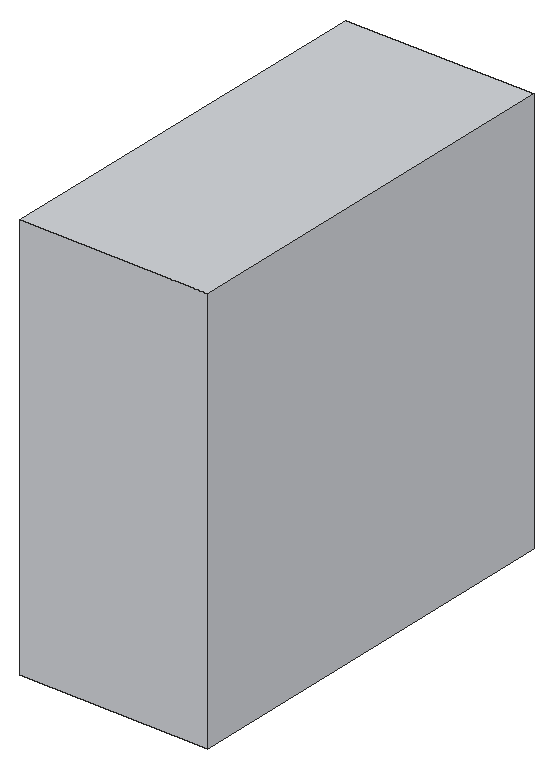
Revit family "Fire Damper Type B - Rectangular", category Duct Accessories, Revit 2017
Family settings
  Round Connector Dimension = Use Diameter
  Part Type = Damper
  OmniClass Number = 23.60.70.11.11
  OmniClass Title = Fire Dampers
  Work Plane-Based = No
  Always vertical = Yes
  Cut with Voids When Loaded = No
  Shared = No
Parameters (values of type "Design to Fab")
  Width 1 [instance] = if(and(Duct Width < 4' 0", Duct Height < 4' 0"), 0' 0 1/2", if(or(Duct Width > 8' 0", Duct Height > 8' 0"), 0' 1 1/2", 0' 1"))  # 0' - 0 1/2"
  Symbol Width [instance] = Damper Width * 2  # 2' - 2"
  Symbol Radius [instance] = Damper Length * 0.2  # 0' - 1.2"
  Pressure Drop [instance] = 4.00 in-wg
  Half Symbol Width [instance] = Symbol Width / 2  # 1' - 1"
  Half Duct Width [instance] = 1 / 2 * Duct Width  # 0' - 6"
  Half Damper Width [instance] = Damper Width / 2  # 0' - 6 1/2"
  Half Damper Length = Damper Length / 2  # 0' - 3"
  Half Damper Height [instance] = Damper Height / 2  # 0' - 6 1/2"
  Fire Damper Material = none
  Duct Width [instance] = 12"
  Duct Height [instance] = 12"
  Damper Width [instance] = Duct Width + Width 1 * 2  # 1' - 1"
  Damper Length = 0' - 6"
  Damper Height [instance] = Duct Height + Width 1 * 2  # 13"
Reference planes (in)
  plane 1 "Center (Front/Back)": y = 0
  plane 2: z = 0
  plane 3 "Center (Left/Right)": x = 0
  plane 4: x = -3
  plane 5: x = 3
  plane 6: z = 6.5
  plane 7: z = -6.5
  plane 8: y = 6.5
  plane 9: y = -6.5
  plane 10: y = 13
  plane 11: y = -13
  plane 12: y = 6
  plane 13: y = -6
Forms (in)
  Extrusion 1, solid, material <- "Fire Damper Material"
    sketch origin (0, 0, 0) x (0, 1, 0) y (0, 0, 1)
      loop
        line (6.5, 6.5) -> (-6.5, 6.5) -> (-6.5, -6.5) -> (6.5, -6.5) -> (6.5, 6.5)
    from -3 to 3
Lines and regions (in)
  symbolic lines, detail levels coarse+medium
    curve 1: line (-3, 13, 0) -> (0, 13, 0)
    curve 2: line (0, 13, 0) -> (0, -13, 0)
    curve 3: line (-3, 6, 0) -> (-3, -6, 0)
    curve 4: line (3, 6, 0) -> (3, -6, 0)
    curve 5: circle (0, 0, 0) r 1.2 normal (0, 0, 1)
  symbolic lines, detail levels fine
    curve 6: line (-3, 6.5, 0) -> (3, 6.5, 0)
    curve 7: line (-3, -6.5, 0) -> (-3, 6.5, 0)
    curve 8: line (3, -6.5, 0) -> (-3, -6.5, 0)
    curve 9: line (3, 6.5, 0) -> (3, -6.5, 0)
Dimensions and locks (in)
  "Half Damper Length": plane 4 to plane 3 "Center (Left/Right)"
  "Half Damper Length": plane 3 "Center (Left/Right)" to plane 5
  "Half Damper Height": plane 6 to plane 2
  "Half Damper Height": plane 2 to plane 7
  "Half Damper Width": plane 8 to plane 1 "Center (Front/Back)"
  "Half Damper Width": plane 1 "Center (Front/Back)" to plane 9
  "Half Symbol Width": plane 10 to plane 1 "Center (Front/Back)"
  "Half Symbol Width": plane 11 to plane 1 "Center (Front/Back)"
  "Half Duct Width": plane 1 "Center (Front/Back)" to plane 12
  "Half Duct Width": plane 13 to plane 1 "Center (Front/Back)"
  "Symbol Radius": radius of curve 5
  aligned and locked: Extrusion 1 to plane 4
  aligned and locked: plane 5 to Extrusion 1
  aligned and locked: plane 6 to Extrusion 1
  aligned and locked: Extrusion 1 to plane 7
  aligned and locked: Extrusion 1 to plane 8
  aligned and locked: plane 9 to Extrusion 1
  aligned and locked: plane 4 to curve 1
  aligned and locked: curve 1 to plane 10
  aligned and locked: plane 10 to curve 2
  aligned and locked: plane 11 to curve 2
  aligned and locked: curve 2 to plane 3 "Center (Left/Right)"
  aligned and locked: plane 12 to curve 3
  aligned and locked: plane 13 to curve 3
  aligned and locked: curve 3 to plane 4
  aligned and locked: plane 12 to curve 4
  aligned and locked: plane 13 to curve 4
  aligned and locked: curve 4 to plane 5
  aligned and locked: plane 3 "Center (Left/Right)" to curve 5
  aligned and locked: plane 1 "Center (Front/Back)" to curve 5
  aligned and locked: plane 8 to curve 6
  aligned and locked: curve 8 to plane 9
  aligned and locked: curve 9 to plane 5
  aligned and locked: plane 4 to curve 7
Automatic sketch dimensions
  plane 1 "Center (Front/Back)" to Extrusion 1 sketch curve = 0' - 6 1/2"
  Extrusion 1 sketch curve to plane 1 "Center (Front/Back)" = 0' - 6 1/2"
  Extrusion 1 sketch curve to level = 0' - 6 1/2"
  level to Extrusion 1 sketch curve = 0' - 6 1/2"
Connectors (in)
  hvac at (-3, 0, 0), driven by "Duct Height", driven by "Duct Width", driven by "Pressure Drop"
    settings: on Extrusion 1, index 1, duct flow 0 CFM, flow factor 0, pres drop 4.00 in-wg, loss coef 0, conn angle 0.00°, conn width 12", conn height 12", conn diameter 24", duct sys type 29, conn prof type 1, flow config 0, flow direction 0, loss method 4, conn ref index 2, conn util no, is conn primary yes, conn desc ""
  hvac at (3, 0, 0), driven by "Duct Height", driven by "Duct Width"
    settings: on Extrusion 1, index 2, duct flow 0 CFM, flow factor 0, pres drop 0.00 in-wg, loss coef 0, conn angle 0.00°, conn width 12", conn height 12", conn diameter 24", duct sys type 29, conn prof type 1, flow config 0, flow direction 0, loss method 4, conn ref index 1, conn util no, is conn primary no, conn desc ""
